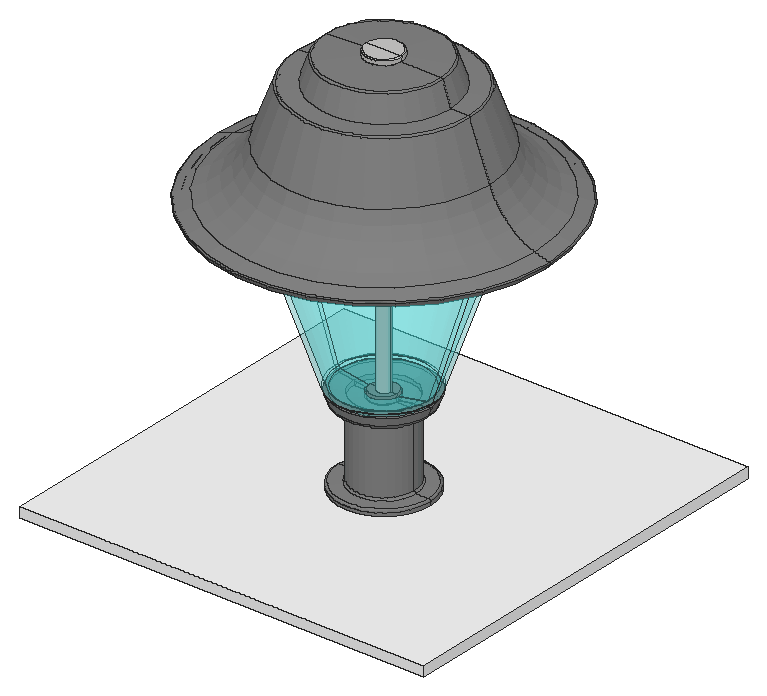
Revit family "BE_84057_de_DE", category Lighting Fixtures, host Face, Revit 2020
Family settings
  Host = Face
  Round Connector Dimension = Use Diameter
  Part Type = Normal
  Cut with Voids When Loaded = Yes
  Light Source = Yes
  Shared = No
  Room Calculation Point = Yes
Parameters (values of type "BEGA_84057_Grafit_K3")
  built-in parameter 1150104 = 16.107 (stored number, unit not read)
  Windangriffsfläche = ""
  Werkzeuglos = ""
  Wattage = 38.5 W
  Default Elevation = 0 mm
  built-in parameter 1150113 = 1 (stored number, unit not read)
  built-in parameter 1114218 = 1 (stored number, unit not read)
  Umgebungstemperatur = "25 °C"
  URL = "https://www.bega.com/de/produkt/84057"
  Type Comments = "© 2024 BEGA. Wir behalten uns das Recht vor, technische Änderungen ohne vorherige Ankündigung vorzunehmen."  # constant formula
  built-in parameter 1150134 = (empty or 0)
  built-in parameter 1150109 = 1 (stored number, unit not read)
  Strom = ""
  built-in parameter 1150110 = 1 (stored number, unit not read)
  Spannung = 239.996 V
  Sonderanfertigung = no
  Seriennummer [instance] = "Hier können Sie die eindeutige Seriennummer für das Facility Management eintragen."
  Schutzklasse = "I"
  Schutzart = "IP 65"
  Apparent Load = 0 VA
  Produktdatenblatt = "https://cdn.bega.com/bega/products/84057K3/current/documents/data-sheets/de"
  Oberflächentemperatur = ""
  Tilt Angle = 0.00°
  Model = "84057K3"
  Material_17 = BEGA_Reflektor
  Material_15 = BEGA_Leuchtmedium_matt
  Material_12 = BEGA_Kunststoff_klar
  Material_06 = BEGA_Oberfläche_Edelstahl_gebürstet
  Material_04 = BEGA_Kunststoff_Grafit_matt
  Material_03 = BEGA_Oberfläche_Weiss_matt
  Material_01 [instance] = BEGA_Oberfläche_Grafit_matt
  Mastzopfhöhe_h = ""
  Mastzopfdurchmesser_d = ""
  Mastzopf_Ø [instance] = "76 mm"  # constant formula
  Masthöhe_H = ""
  Mastdurchmesser_unten_Ø = ""
  Mast Gruppe = ""
  M_W = no
  M_G = yes
  M_A = no
  Logo = 0
  built-in parameter 1114217 = 1 (stored number, unit not read)
  built-in parameter 1150139 = (empty or 0)
  built-in parameter 1150105 = 531.16 (stored number, unit not read)
  built-in parameter 1150114 = 1 (stored number, unit not read)
  Lumens = 6674.74 lm
  Lichtpunkthöhe [instance] = ""
  built-in parameter 1150115 = 1 (stored number, unit not read)
  Leuchtenlichtstrom = "4353 lm"
  Leuchtenanzahl = ""
  Lebensdauerkriterien = "L80B50 @ ta 25 °C = 200000 h"
  Lastklassifizierung = Beleuchtung
  built-in parameter 1150112 = 1 (stored number, unit not read)
  Lampenlichtstrom = "6675 lm"
  Lamp = "LED 35.2 W"
  LED_Modulbezeichnung = "LED-0770/830"
  Manufacturer = "BEGA"  # constant formula
  Halbstreuwinkel = ""
  Gewicht = "4.7 kg"
  Frequenz = "0/50-60 Hz"
  Farbwiedergabeindex = "CRI > 80"
  Dimming Lamp Color Temperature Shift = <None>
  Farbtemperatur = "3000 K"
  Color Filter = 16777215
  Erdstücklänge_E = ""
  Erdstück [instance] = no
  built-in parameter 1150133 = 10 (stored number, unit not read)
  Energieeffizienzklasse = "LED A++ - A"
  Einstecktiefe = "60 mm"
  built-in parameter 1150137 = (empty or 0)
  built-in parameter 1150132 = (empty or 0)
  Einbauöffnung = ""
  Einbautiefe = ""
  ENEC = "ja"
  Durchmesser_Fussplatte_D = ""
  Dimmbar [instance] = "DALI"
  Photometric Web File = "BE_84057K3.IES"
  CE_Konformität = "ja"
  Bestellnummer_Erdstück [instance] = ""
  Bestellnummer = "84057K3"
  Beschreibung_Sonderanfertigung = "Hier können Sie Informationen zur Sonderanfertigung eintragen."
  Description = "Aufsatzleuchte"
  built-in parameter 1150106 = 5.3116 (stored number, unit not read)
  Befestigungsbohrung = ""
  Befestigungsabstand = ""
  BEGA_Intern_aus = yes
  BEGA_Intern_an = yes
  BEGA_Intern_Konstruktion = yes
  BEGA_Intern = yes
  BEGA_IES3 = yes
  BEGA_IES2 = yes
  BEGA_IES1 = yes
  BEGA_IES = yes
  BEGA_Dummy = no
  Anschlussleitung = "5.0 m X05BQ-F 5 G 1 mm²"
  Anschlussleistung [instance] = "38.5 W"
  Anschlusskasten = ""
  built-in parameter 1150107 = 3000 (stored number, unit not read)
  built-in parameter 1150102 = (empty or 0)
  built-in parameter 1150138 = (empty or 0)
  Aktualisierung = "2024-06-06T04:00:03"
  Abstand_zur_angestrahlten_Fläche [instance] = ""
  AC/DC = "AC/DC"
Reference planes
  plane 1 "Mitte (Vorne/Hinten)": y = 0
  plane 2: z = 0
  plane 3 "Mitte (Links/Rechts)": x = 0
  plane 4 "Links": x = -165
  plane 5 "Rechts": x = 165
  plane 6 "Unten": y = -165
  plane 7 "Oben": y = 165
  plane 8 "Vorne": z = 387.994
  plane 9 "Hinten": z = -60
Forms (mm)
  Extrusion 1, solid, material "BEGA_Platte_Weiss"
    sketch origin (0, -1119.2, 0) x (1, 0, 0) y (0, 1, 0)
      loop
        line (-200, 1319.2) -> (-200, 919.2) -> (200, 919.2) -> (200, 1319.2) -> (-200, 1319.2)
    from 0 to -10
  Extrusion 2, solid, material "BEGA_Dummy_matt", visible <- "BEGA_Dummy"
    sketch origin (77.149, -76.023, 0) x (1, 0, 0) y (0, 1, 0)
      loop
        circle (-77.149, 76.023) r 165
    from -60 to 387.994
Dimensions and locks
  plane 1 "Mitte (Vorne/Hinten)" to Extrusion 1 = 200 mm
  aligned and locked: plane 2 to Extrusion 1
  aligned and locked: level to Extrusion 1
Nested families
  nested 1: "BE_84057" at (0, 0, 0), type "BE_84057"
Connectors
  electrical at (0, 0, 0), driven by "Lastklassifizierung", driven by "Spannung", driven by "Apparent Load"
    settings: index 1, voltage 239.996 V, apparent load 0 VA, apparent load phase1 0 VA, apparent load phase2 0 VA, apparent load phase3 0 VA, power factor 1, load classification "Beleuchtung", number of poles 1, system type 31, power factor state 1, is connector primary yes, connector utility no, sub classification motor no, connector description ""
Definition of nested family "BE_84057"
  Parameters (values of type "BE_84057")
    Default Elevation = 1 mm
    URL = "http://www.bega.de/de/produkt"
    Type Comments = "© 2015 BEGA. Wir behalten uns das Recht vor, technische Änderungen ohne vorherige Ankündigung vorzunehmen. "  # constant formula
    Type Image = (empty or 0)
    Neigungswinkel_um_Z2 = 0.00°
    Neigungswinkel_um_Z1 = 0.00°
    Neigungswinkel_um_Y2 = 0.00°
    Neigungswinkel_um_Y1 = 0.00°
    Neigungswinkel_um_X2 = 0.00°
    Neigungswinkel_um_X1 = 0.00°
    Material_17 = none
    Material_15 = none
    Material_12 = none
    Material_06 = none
    Material_04 = none
    Material_03 = none
    Material_01 = none
    Länge_Platte = 200 mm  # constant formula
    Höhe_Platte = -10 mm  # constant formula
    Manufacturer = "BEGA"  # constant formula
    Drehwinkel_um_Z2 = 0.00°
    Drehwinkel_um_Z1 = 0.00°
    Breite_Platte = 200 mm  # constant formula
  Reference planes
    plane 1 "Mitte (Oben/Unten)": y = 0
    plane 2: z = 0
    plane 3 "Mitte (Links/Rechts)": x = 0
    plane 4 "Rechts": x = 165
    plane 5 "Oben": y = 165
    plane 6 "Unten": y = -165
    plane 7: x = -165
    plane 8: z = 388.07
    plane 9: z = -60.04
  Forms (mm)
    Extrusion 1, solid, detail levels medium
      sketch origin (0, 0, 0) x (1, 0, 0) y (0, 1, 0)
        loop
          line (-100, 100) -> (-100, -100) -> (100, -100) -> (100, 100) -> (-100, 100)
      from 0 to -10 <- "Höhe_Platte"
    Revolve 2, solid, material <- "Material_01"
      sketch origin (0, 0, 74.96) x (1, 0, 0) y (0, 0, 1)
        loop
          line (-39.547, -135) -> (-38.534, -76.965)
          arc (-38.534, -76.965) -> (-37.936, -75.573) -> (-36.535, -75) r 2
          line (-36.535, -75) -> (-29.827, -75)
          arc (-29.827, -75) -> (-26.403, -73.644) -> (-24.836, -70.313) r 5
          line (-24.836, -70.313) -> (-22.448, -1.928)
          arc (-22.448, -1.928) -> (-21.838, -0.561) -> (-20.45, 0) r 2
          line (-20.45, 0) -> (-13.244, 0) -> (-13, -7) -> (0, -7) -> (0, 12) -> (-13, 12) -> (-13.244, 5) -> (-30, 5) -> (-30, 9.002) -> (-47, 12) -> (-44.168, 3.715)
          arc (-44.168, 3.715) -> (-42.416, 1.317) -> (-39.612, 0.336) r 5
          line (-39.612, 0.336) -> (-31.93, 0.067)
          arc (-31.93, 0.067) -> (-30.561, -0.542) -> (-30, -1.931) r 2
          line (-30, -1.931) -> (-30, -67.51)
          arc (-30, -67.51) -> (-30.562, -68.9) -> (-31.933, -69.509) r 2
          line (-31.933, -69.509) -> (-44.067, -69.932)
          arc (-44.067, -69.932) -> (-45.438, -70.541) -> (-46, -71.931) r 2
          line (-46, -71.931) -> (-46, -135) -> (-39.547, -135)
        axis (0, 12) -> (0, -135)
      angle from 0 to 360
    Revolve 3, solid, material <- "Material_04"
      sketch origin (0, 0, 74.96) x (1, 0, 0) y (0, 0, 1)
        loop
          line (-5.002, -33.75) -> (0, -33.75) -> (0, -7) -> (-10.537, -7) -> (-10.537, -12.75) -> (-7.6, -12.75) -> (-7.6, -18.25) -> (-10.97, -18.25) -> (-10.97, -26.55) -> (-9.197, -28.55) -> (-9.197, -29.55)
          arc (-9.197, -29.55) -> (-7.969, -32.518) -> (-5.002, -33.75) r 4.2
        axis (0, -7) -> (0, -33.75)
      angle from 0 to 360
    Revolve 4, solid, material <- "Material_12"
      sketch origin (0, 0, 74.96) x (1, 0, 0) y (0, 0, 1)
        loop
          line (-15, 6.358) -> (-15, 10.236) -> (-42.442, 15.168)
          arc (-42.442, 15.168) -> (-43.768, 15.812) -> (-44.58, 17.042) r 2.788
          line (-44.58, 17.042) -> (-100.212, 181.254) -> (-100.276, 187) -> (-104.358, 187) -> (-104.211, 181.358)
          arc (-104.211, 181.358) -> (-104.108, 180.355) -> (-103.857, 179.379) r 6.7
          line (-103.857, 179.379) -> (-48.275, 15.755)
          arc (-48.275, 15.755) -> (-46.299, 12.829) -> (-43.11, 11.314) r 6.7
          line (-43.11, 11.314) -> (-15, 6.358)
        axis (0, 187) -> (0, 6.358)
      angle from 0 to 360
    Revolve 5, solid, material <- "Material_17"
      sketch origin (0, 0, 74.96) x (1, 0, 0) y (0, 0, 1)
        loop
          line (-73.091, 182.9) -> (-98, 182.9) -> (-98, 181.9) -> (-73.091, 181.9)
          arc (-73.091, 181.9) -> (-71.322, 182.966) -> (-71.439, 185.028) r 2
          arc (-71.439, 185.028) -> (-78.826, 199.202) -> (-81.825, 214.901) r 55
          line (-81.825, 214.901) -> (-82, 219.9) -> (-82.999, 219.865) -> (-82.825, 214.861)
          arc (-82.825, 214.861) -> (-79.775, 198.888) -> (-72.265, 184.464) r 56
          arc (-72.265, 184.464) -> (-72.207, 183.433) -> (-73.091, 182.9) r 1
        axis (0, 219.9) -> (0, 181.9)
      angle from 0 to 360
    Revolve 6, solid, material <- "Material_06"
      sketch origin (0, 0, 74.96) x (1, 0, 0) y (0, 0, 1)
        loop
          line (-6.5, 3.1) -> (-5, 3.1) -> (-5, 223.2) -> (-6.5, 223.2) -> (-6.5, 3.1)
        axis (0, 223.2) -> (0, 3.1)
      angle from 0 to 360
    Revolve 7, solid, material <- "Material_03"
      sketch origin (0, 0, 74.96) x (1, 0, 0) y (0, 0, 1)
        loop
          line (-96.509, 183.65) -> (-95.128, 223.2) -> (0, 223.2) -> (0, 227.2) -> (-98.797, 227.2) -> (-106.555, 214.896) -> (-115, 203.868)
          arc (-115, 203.868) -> (-129.062, 191.894) -> (-145.584, 183.638) r 76.5
          line (-145.584, 183.638) -> (-147.033, 183.638) -> (-156.894, 180.434) -> (-157, 177.4) -> (-96.509, 183.65)
        axis (0, 227.2) -> (0, 177.4)
      angle from 0 to 360
    Revolve 8, solid, material <- "Material_01"
      sketch origin (0, 0, 74.96) x (1, 0, 0) y (0, 0, 1)
        loop
          arc (-157.495, 178.859) -> (-157.092, 179.991) -> (-156.113, 180.688) r 2
          line (-156.113, 180.688) -> (-148.854, 183.042)
          arc (-148.854, 183.042) -> (-119.277, 201.065) -> (-100.952, 230.454) r 75.006
          line (-100.952, 230.454) -> (-84, 230.454) -> (-82.271, 279.955) -> (-64.135, 279.955) -> (-55.399, 303.955) -> (-7.75, 303.955) -> (-7.75, 308.334) -> (-18, 308.334) -> (-56.156, 307.002)
          arc (-56.156, 307.002) -> (-57.26, 306.62) -> (-57.962, 305.686) r 2
          line (-57.962, 305.686) -> (-65.994, 283.619) -> (-83.656, 283.002)
          arc (-83.656, 283.002) -> (-84.762, 282.618) -> (-85.463, 281.682) r 2
          line (-85.463, 281.682) -> (-104.376, 229.719)
          arc (-104.376, 229.719) -> (-122.019, 202.574) -> (-149.773, 185.903) r 72
          line (-149.773, 185.903) -> (-163.718, 181.372)
          arc (-163.718, 181.372) -> (-164.355, 180.737) -> (-164.225, 179.848) r 1
          line (-164.225, 179.848) -> (-160.449, 174.455) -> (-157.649, 174.455) -> (-157.495, 178.859)
        axis (0, 308.334) -> (0, 174.455)
      angle from 0 to 360
    Revolve 9, solid, material <- "Material_06"
      sketch origin (0, 0, 74.96) x (1, 0, 0) y (0, 0, 1)
        loop
          line (-17.5, 312.034) -> (-17.5, 308.334) -> (0, 308.334) -> (0, 313.034) -> (-16.5, 313.034) -> (-17.5, 312.034)
        axis (0, 313.034) -> (0, 308.334)
      angle from 0 to 360
    Revolve 10, solid, material <- "Material_15"
      sketch origin (0, 0, 0) x (1, 0, 0) y (0, 0, 1)
        loop
          line (-81, 296.36) -> (-12.5, 296.36) -> (-12.5, 298.16) -> (-81, 298.16) -> (-81, 296.36)
        axis (0, 298.16) -> (0, 296.36)
      angle from 0 to 360
  Dimensions and locks
    equal spacing: Extrusion 1 sketch curve, plane 3 "Mitte (Links/Rechts)", Extrusion 1 sketch curve
    equal spacing: Extrusion 1 sketch curve, plane 1 "Mitte (Oben/Unten)", Extrusion 1 sketch curve
    "Länge_Platte": Extrusion 1 sketch curve to Extrusion 1 sketch curve
    "Breite_Platte": Extrusion 1 sketch curve to Extrusion 1 sketch curve
    plane 1 "Mitte (Oben/Unten)" to Extrusion 1 = 100 mm  (x3)
    aligned and locked: plane 2 to Extrusion 1
    aligned and locked: level to Extrusion 1
  Automatic sketch dimensions
    Revolve 2 sketch curve to plane 3 "Mitte (Links/Rechts)" = 0 mm  (x2)
    Revolve 2 sketch curve to Revolve 2 sketch curve = 13 mm
    Revolve 2 sketch curve to plane 3 "Mitte (Links/Rechts)" = 13 mm
    level to Revolve 2 sketch curve = 74.96 mm
    Revolve 2 sketch curve to Revolve 2 sketch curve = 0.244 mm
    level to Revolve 2 sketch curve = 79.96 mm
    Revolve 2 sketch curve to Revolve 2 sketch curve = 0 mm  (x17)
    level to Revolve 2 sketch curve = 72.96 mm
    Revolve 2 sketch curve to Revolve 2 sketch curve = 7.205 mm
    level to Revolve 2 sketch curve = 73.032 mm
    Revolve 2 sketch curve to plane 3 "Mitte (Links/Rechts)" = 24.836 mm
    Revolve 2 sketch curve to Revolve 2 sketch curve = 4.99 mm
    level to Revolve 2 sketch curve = 83.962 mm
    Revolve 2 sketch curve to Revolve 2 sketch curve = 9.55 mm
    Revolve 2 sketch curve to Revolve 2 sketch curve = 2.107 mm
    Revolve 2 sketch curve to Revolve 2 sketch curve = 0.067 mm  (x2)
    level to Revolve 2 sketch curve = 73.028 mm
    Revolve 2 sketch curve to Revolve 2 sketch curve = 2 mm  (x3)
    Revolve 2 sketch curve to Revolve 2 sketch curve = 6.708 mm
    Revolve 2 sketch curve to Revolve 2 sketch curve = 9.437 mm
    Revolve 2 sketch curve to plane 3 "Mitte (Links/Rechts)" = 39.547 mm
    Revolve 2 sketch curve to Revolve 2 sketch curve = 7.465 mm
    Revolve 2 sketch curve to Revolve 2 sketch curve = 6.453 mm
    level to Revolve 2 sketch curve = 86.96 mm
    Revolve 2 sketch curve to Revolve 2 sketch curve = 7.563 mm
    level to Revolve 2 sketch curve = 67.96 mm
    Revolve 2 sketch curve to Revolve 2 sketch curve = 1.999 mm  (x2)
    Revolve 2 sketch curve to Revolve 2 sketch curve = 0.424 mm
    Revolve 2 sketch curve to Revolve 2 sketch curve = 0.491 mm
    Revolve 2 sketch curve to Revolve 2 sketch curve = 0.313 mm
    level to Revolve 2 sketch curve = 80.292 mm
    Revolve 2 sketch curve to Revolve 2 sketch curve = 7 mm
    level to Revolve 2 sketch curve = 75.027 mm
    Revolve 2 sketch curve to Revolve 2 sketch curve = 0.07 mm
    level to Revolve 2 sketch curve = 75.295 mm
    Revolve 2 sketch curve to Revolve 2 sketch curve = 0.174 mm
    level to Revolve 2 sketch curve = 78.675 mm
    Revolve 2 sketch curve to Revolve 2 sketch curve = 4.731 mm
    Revolve 2 sketch curve to Revolve 2 sketch curve = 22.313 mm
    Revolve 2 sketch curve to Revolve 2 sketch curve = 15 mm
    Revolve 3 sketch curve to plane 3 "Mitte (Links/Rechts)" = 0 mm  (x2)
    Revolve 3 sketch curve to plane 3 "Mitte (Links/Rechts)" = 4.997 mm
    Revolve 3 sketch curve to Revolve 3 sketch curve = 0.005 mm
    Revolve 3 sketch curve to plane 3 "Mitte (Links/Rechts)" = 7.6 mm
    Revolve 3 sketch curve to Revolve 3 sketch curve = 0 mm  (x2)
    Revolve 3 sketch curve to Revolve 3 sketch curve = 4.2 mm  (x2)
    Revolve 3 sketch curve to Revolve 3 sketch curve = 2.937 mm
    Revolve 3 sketch curve to Revolve 3 sketch curve = 1.773 mm
    level to Revolve 3 sketch curve = 41.21 mm
    Revolve 3 sketch curve to Revolve 3 sketch curve = 1 mm
    Revolve 3 sketch curve to Revolve 3 sketch curve = 2 mm
    Revolve 3 sketch curve to Revolve 3 sketch curve = 8.3 mm
    Revolve 3 sketch curve to Revolve 3 sketch curve = 5.5 mm
    level to Revolve 3 sketch curve = 67.96 mm
    Revolve 3 sketch curve to Revolve 3 sketch curve = 5.41 mm
    level to Revolve 3 sketch curve = 72.39 mm
    Revolve 4 sketch curve to plane 3 "Mitte (Links/Rechts)" = 0 mm
    level to Revolve 4 sketch curve = 81.317 mm
    Revolve 4 sketch curve to plane 3 "Mitte (Links/Rechts)" = 15 mm
    Revolve 4 sketch curve to Revolve 4 sketch curve = 26.93 mm
    Revolve 4 sketch curve to Revolve 4 sketch curve = 0.001 mm  (x2)
    level to Revolve 4 sketch curve = 90.128 mm
    Revolve 4 sketch curve to Revolve 4 sketch curve = 0.512 mm
    level to Revolve 4 sketch curve = 86.274 mm
    Revolve 4 sketch curve to Revolve 4 sketch curve = 0.668 mm
    level to Revolve 4 sketch curve = 92.002 mm
    Revolve 4 sketch curve to Revolve 4 sketch curve = 2.649 mm
    Revolve 4 sketch curve to plane 3 "Mitte (Links/Rechts)" = 97.513 mm
    Revolve 4 sketch curve to Revolve 4 sketch curve = 2.699 mm
    Revolve 4 sketch curve to Revolve 4 sketch curve = 0.063 mm
    Revolve 4 sketch curve to Revolve 4 sketch curve = 4.083 mm
    Revolve 4 sketch curve to Revolve 4 sketch curve = 3.879 mm
    Revolve 4 sketch curve to Revolve 4 sketch curve = 5.746 mm
    Revolve 4 sketch curve to Revolve 4 sketch curve = 3.695 mm
    level to Revolve 4 sketch curve = 90.714 mm
    Revolve 4 sketch curve to Revolve 4 sketch curve = 0 mm  (x5)
    Revolve 4 sketch curve to Revolve 4 sketch curve = 3.645 mm
    Revolve 4 sketch curve to Revolve 4 sketch curve = 0.354 mm
    level to Revolve 4 sketch curve = 36.205 mm
    Revolve 4 sketch curve to Revolve 4 sketch curve = 24.764 mm
    Revolve 5 sketch curve to plane 3 "Mitte (Links/Rechts)" = 98 mm
    Revolve 5 sketch curve to Revolve 5 sketch curve = 15.001 mm
    Revolve 5 sketch curve to Revolve 5 sketch curve = 0.175 mm
    Revolve 5 sketch curve to Revolve 5 sketch curve = 0.999 mm  (x2)
    Revolve 5 sketch curve to Revolve 5 sketch curve = 24.909 mm
    Revolve 5 sketch curve to Revolve 5 sketch curve = 0 mm  (x4)
    Revolve 5 sketch curve to plane 3 "Mitte (Links/Rechts)" = 26.876 mm
    Revolve 5 sketch curve to Revolve 5 sketch curve = 1 mm  (x2)
    Revolve 5 sketch curve to Revolve 5 sketch curve = 2.363 mm
    Revolve 5 sketch curve to plane 3 "Mitte (Links/Rechts)" = 0 mm
    Revolve 6 sketch curve to plane 3 "Mitte (Links/Rechts)" = 0 mm
    Revolve 6 sketch curve to plane 3 "Mitte (Links/Rechts)" = 5 mm
    Revolve 6 sketch curve to Revolve 6 sketch curve = 1.5 mm
    level to Revolve 6 sketch curve = 78.06 mm
    Revolve 6 sketch curve to Revolve 6 sketch curve = 20 mm
    Revolve 7 sketch curve to plane 3 "Mitte (Links/Rechts)" = 0 mm  (x2)
    Revolve 7 sketch curve to plane 3 "Mitte (Links/Rechts)" = 95.128 mm
    Revolve 7 sketch curve to Revolve 7 sketch curve = 1.381 mm
    Revolve 7 sketch curve to Revolve 7 sketch curve = 3.67 mm
    Revolve 7 sketch curve to Revolve 7 sketch curve = 11.428 mm
    Revolve 7 sketch curve to Revolve 7 sketch curve = 8.445 mm
    Revolve 7 sketch curve to Revolve 7 sketch curve = 30.584 mm
    Revolve 7 sketch curve to Revolve 7 sketch curve = 1.45 mm
    Revolve 7 sketch curve to Revolve 7 sketch curve = 9.861 mm
    Revolve 7 sketch curve to Revolve 7 sketch curve = 0.106 mm
    Revolve 7 sketch curve to Revolve 7 sketch curve = 3.034 mm
    Revolve 7 sketch curve to Revolve 7 sketch curve = 4 mm
    Revolve 7 sketch curve to Revolve 7 sketch curve = 3.389 mm
    Revolve 8 sketch curve to plane 3 "Mitte (Links/Rechts)" = 0 mm
    Revolve 8 sketch curve to plane 3 "Mitte (Links/Rechts)" = 7.75 mm
    Revolve 8 sketch curve to Revolve 8 sketch curve = 10.25 mm
    Revolve 8 sketch curve to Revolve 8 sketch curve = 37.399 mm
    Revolve 8 sketch curve to Revolve 8 sketch curve = 0.683 mm  (x2)
    Revolve 8 sketch curve to Revolve 8 sketch curve = 0.074 mm  (x2)
    Revolve 8 sketch curve to Revolve 8 sketch curve = 1.88 mm
    Revolve 8 sketch curve to Revolve 8 sketch curve = 8.735 mm
    Revolve 8 sketch curve to Revolve 8 sketch curve = 1.859 mm
    Revolve 8 sketch curve to Revolve 8 sketch curve = 16.278 mm
    Revolve 8 sketch curve to Revolve 8 sketch curve = 1.311 mm
    Revolve 8 sketch curve to Revolve 8 sketch curve = 1.729 mm
    Revolve 8 sketch curve to Revolve 8 sketch curve = 1.881 mm
    Revolve 8 sketch curve to Revolve 8 sketch curve = 16.952 mm
    Revolve 8 sketch curve to Revolve 8 sketch curve = 3.425 mm
    Revolve 8 sketch curve to Revolve 8 sketch curve = 6.643 mm
    Revolve 8 sketch curve to Revolve 8 sketch curve = 1.999 mm
    Revolve 8 sketch curve to Revolve 8 sketch curve = 0.154 mm
    Revolve 8 sketch curve to Revolve 8 sketch curve = 2.8 mm
    Revolve 8 sketch curve to Revolve 8 sketch curve = 5.911 mm
    Revolve 8 sketch curve to Revolve 8 sketch curve = 0.312 mm
    Revolve 8 sketch curve to Revolve 8 sketch curve = 0.02 mm
    Revolve 8 sketch curve to Revolve 8 sketch curve = 0.073 mm
    Revolve 8 sketch curve to Revolve 8 sketch curve = 4.404 mm
    Revolve 8 sketch curve to Revolve 8 sketch curve = 1.563 mm
    Revolve 8 sketch curve to Revolve 8 sketch curve = 0.95 mm
    Revolve 8 sketch curve to Revolve 8 sketch curve = 0.734 mm
    Revolve 8 sketch curve to Revolve 8 sketch curve = 0.004 mm
    Revolve 8 sketch curve to Revolve 8 sketch curve = 49.501 mm
    Revolve 8 sketch curve to Revolve 8 sketch curve = 1.048 mm  (x2)
    Revolve 8 sketch curve to Revolve 8 sketch curve = 0.679 mm
    Revolve 8 sketch curve to Revolve 8 sketch curve = 3.664 mm
    Revolve 8 sketch curve to Revolve 8 sketch curve = 24 mm
    Revolve 8 sketch curve to Revolve 8 sketch curve = 4.379 mm
    Revolve 8 sketch curve to Revolve 8 sketch curve = 0.919 mm
    Revolve 8 sketch curve to Revolve 8 sketch curve = 0 mm  (x6)
    Revolve 8 sketch curve to Revolve 8 sketch curve = 0.617 mm
    Revolve 8 sketch curve to Revolve 8 sketch curve = 0.819 mm
    Revolve 9 sketch curve to plane 3 "Mitte (Links/Rechts)" = 0 mm  (x2)
    Revolve 9 sketch curve to plane 3 "Mitte (Links/Rechts)" = 16.5 mm
    Revolve 9 sketch curve to Revolve 9 sketch curve = 1 mm
    Revolve 9 sketch curve to Revolve 9 sketch curve = 3.7 mm
    Revolve 9 sketch curve to Revolve 9 sketch curve = 4.7 mm
    Revolve 9 sketch curve to Revolve 9 sketch curve = 7.345 mm
    Revolve 9 sketch curve to Revolve 9 sketch curve = 7.46 mm
    Revolve 8 sketch curve to Revolve 8 sketch curve = 44.477 mm
    Revolve 4 sketch curve to Revolve 4 sketch curve = 164.212 mm
    Revolve 4 sketch curve to Revolve 4 sketch curve = 0.28 mm
    Revolve 4 sketch curve to Revolve 4 sketch curve = 1.875 mm
    level to Revolve 5 sketch curve = 256.86 mm
    Revolve 5 sketch curve to Revolve 5 sketch curve = 30.961 mm
    Revolve 5 sketch curve to Revolve 5 sketch curve = 0.04 mm
    Revolve 5 sketch curve to Revolve 5 sketch curve = 5.004 mm
    Revolve 5 sketch curve to Revolve 5 sketch curve = 0.035 mm
    Revolve 5 sketch curve to Revolve 5 sketch curve = 27.752 mm
    Revolve 5 sketch curve to Revolve 5 sketch curve = 2.248 mm
    Revolve 6 sketch curve to Revolve 6 sketch curve = 220.1 mm
    Revolve 6 sketch curve to Revolve 6 sketch curve = 81.6 mm
    Revolve 7 sketch curve to plane 7 = 6.266 mm
    level to Revolve 7 sketch curve = 252.36 mm
    Revolve 7 sketch curve to Revolve 7 sketch curve = 3.204 mm
    Revolve 7 sketch curve to Revolve 7 sketch curve = 0.011 mm
    Revolve 7 sketch curve to Revolve 7 sketch curve = 20.218 mm
    Revolve 7 sketch curve to Revolve 7 sketch curve = 11.028 mm
    Revolve 7 sketch curve to Revolve 7 sketch curve = 8.304 mm
    Revolve 7 sketch curve to Revolve 7 sketch curve = 12.971 mm
    Revolve 8 sketch curve to plane 7 = 7.022 mm
    level to Revolve 8 sketch curve = 249.415 mm
    Revolve 8 sketch curve to Revolve 8 sketch curve = 2.354 mm
    Revolve 8 sketch curve to Revolve 8 sketch curve = 46.677 mm
    Revolve 8 sketch curve to Revolve 8 sketch curve = 41.39 mm
    Revolve 8 sketch curve to Revolve 8 sketch curve = 20 mm
    level to Revolve 9 sketch curve = 383.294 mm
    Revolve 2 sketch curve to Revolve 2 sketch curve = 60.51 mm
    Revolve 2 sketch curve to Revolve 2 sketch curve = 58.035 mm
    Revolve 10 sketch curve to plane 3 "Mitte (Links/Rechts)" = 0 mm
    Revolve 10 sketch curve to plane 3 "Mitte (Links/Rechts)" = 12.5 mm
    Revolve 10 sketch curve to Revolve 10 sketch curve = 68.5 mm
    Revolve 10 sketch curve to plane 8 = 91.71 mm
    Revolve 10 sketch curve to Revolve 10 sketch curve = 1.8 mm
    Revolve 10 sketch curve to Revolve 10 sketch curve = 8.307 mm
    Revolve 10 sketch curve to Revolve 10 sketch curve = 5 mm
